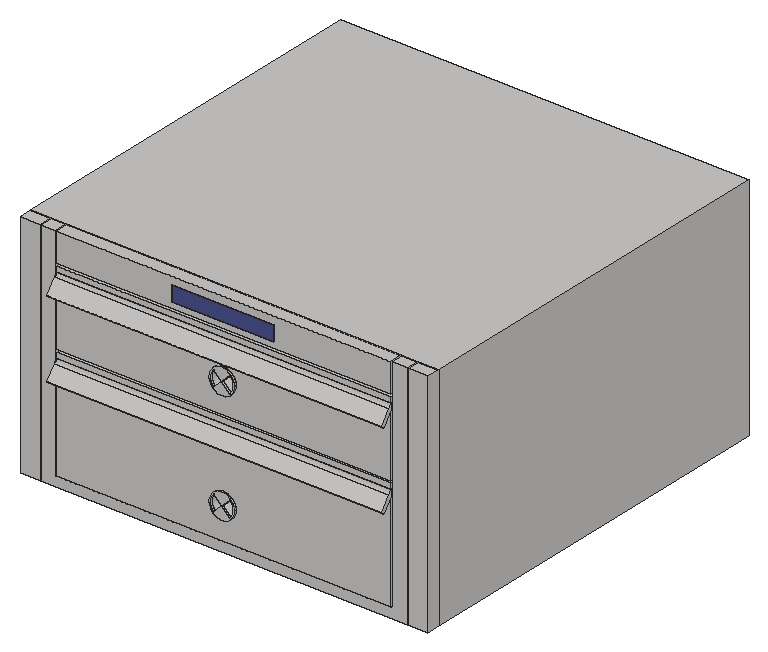
Revit family "QF_ELECTROLUXPROFESSIONAL_588649_MB0ACAHOBO", category Attrezzature speciali, Revit 2020
Family settings
  Quota connettore circolare = Usa diametro
  Tipo di parte = Normale
  Basato su piano di lavoro = No
  Sempre verticale = Sì
  Taglio con vuoti quando caricato = No
  Condiviso = No
  Punto di calcolo locali = No
Parameters (values of type "Standard")
  Weight = 44.00 kg
  Watts = 1000 W
  Volts = 230 V
  URL Manufacturer = "https://www.electroluxprofessional.com/"
  URL = "https://www.electroluxprofessional.com/"
  Steam Supply Size = 0"
  Steam Supply Minimum Pressure = 0.00 psi
  Steam Supply Maximum Pressure = 0.00 psi
  Steam Consumption per Hour = 0
  Refrigeration Suction Line Size = 0 mm
  Refrigeration Liquid Line Size = 0 mm
  Refrigerant Compressor Remote = yes
  Prospetto di default = 0 mm
  Phase = 1
  Modello = "MB0ACAHOBO"
  Produttore = "Electrolux Professional"
  Length Actual = 800 mm  # constant formula
  Item Number = "588649"
  Hot Water Size = 0"
  Height Actual = 450 mm  # constant formula
  HP = "1.3 HP"
  Gas Size = 0"
  Gas KW = 0
  Gas Input Pressure = 0.0 Btu/h
  Direct Waste Size = 0"
  Descrizione = "HOLDING CAB,GN,2 DRAW,1S,800X850X450H"
  Depth Actual = 850 mm  # constant formula
  Cycle = 50 Hz
  Condensate Return Size = 0"
  Compressed Air Volume = 0 GPM
  Compressed Air Size = 0"
  Compressed Air Pressure = 0.00 psi
  Cold Water Size = 0"
  Accessory = yes
Reference planes
  plane 1 "BACK": y = 0
  plane 2: z = 0
  plane 3 "LEFT": x = 0
  plane 4 "RIGHT": x = 800
  plane 5 "FRONT": y = -850
  plane 6 "PLAIN": z = 900
  plane 7 "Center (Left/Right)": x = 400
  plane 8 "Center (Front/Back)": y = -425
  plane 9 "TOP": z = 650
  plane 10 "BASE": z = 200
  plane 11: z = 265
  plane 12: y = -45
  plane 13: y = -805
  plane 14: y = -830
  plane 15 "ButtonZ": z = 590
  plane 16 "EIy": y = -635
  plane 17 "EIx": x = 755
Forms (mm)
  Extrusion 1, solid, material "QF_Finishes_Stainless Steel"
    sketch origin (0, 0, 650) x (0, 1, 0) y (0, 0, 1)
      loop
        line (-45, -450) -> (-45, 0) -> (-805, 0) -> (-805, -450) -> (-45, -450)
    from 0 to 800
  Extrusion 2, void
    sketch origin (0, -850, 0) x (1, 0, 0) y (0, 0, 1)
      loop
        line (70, 650) -> (70, 219) -> (730, 219) -> (730, 650) -> (70, 650)
    from 0 to -780
  Extrusion 3, solid, material "QF_Finishes_Stainless Steel"
    sketch origin (0, -850, 0) x (1, 0, 0) y (0, 0, 1)
      loop
        line (70, 650) -> (70, 627) -> (730, 627) -> (730, 650) -> (70, 650)
    from -45 to -805
  Extrusion 4, solid, material "QF_Finishes_Stainless Steel"
    sketch origin (0, -850, 0) x (1, 0, 0) y (0, 0, 1)
      loop
        line (40, 650) -> (40, 200) -> (760, 200) -> (760, 650) -> (730, 650) -> (730, 219) -> (70, 219) -> (70, 650) -> (40, 650)
    from -45 to -780
  Extrusion 5, solid, material "QF_Finishes_Stainless Steel"
    sketch origin (0, -850, 0) x (1, 0, 0) y (0, 0, 1)
      loop
        line (0, 650) -> (0, 200) -> (40, 200) -> (40, 650) -> (0, 650)
    from -20 to -45
  Extrusion 6, solid, material "QF_Finishes_Stainless Steel"
    sketch origin (0, -850, 0) x (1, 0, 0) y (0, 0, 1)
      loop
        line (760, 650) -> (760, 200) -> (800, 200) -> (800, 650) -> (760, 650)
    from -20 to -45
  Extrusion 7, solid, material "QF_Finishes_Stainless Steel"
    sketch origin (85, -850, 0) x (1, 0, 0) y (0, 0, 1)
      loop
        line (-45, 650) -> (-45, 200) -> (675, 200) -> (675, 650) -> (645, 650) -> (645, 219) -> (-15, 219) -> (-15, 650) -> (-45, 650)
    from -20 to -45
  Extrusion 8, solid, material "QF_Finishes_Stainless Steel"
    sketch origin (0, 0, 200) x (-1, 0, 0) y (0, -1, 0)
      loop
        circle (-755, 635) r 10
    from 0 to -5
Cuts and joins
  Extrusion 2 cuts Extrusion 1
  joined: Extrusion 1, Extrusion 3, Extrusion 4
Lines and regions (mm)
  symbolic lines, style "SpecialityEquipmentHiddenLines"
    curve 1: line (0, 0, 0) -> (800, 0, 0)
    curve 2: line (0, -850, 0) -> (0, 0, 0)
    curve 3: line (800, -850, 0) -> (0, -850, 0)
    curve 4: line (800, 0, 0) -> (800, -850, 0)
Dimensions and locks
  plane 3 "LEFT" to plane 4 "RIGHT" = 800 mm
  plane 5 "FRONT" to plane 1 "BACK" = 850 mm
  equal spacing: plane 3 "LEFT", plane 7 "Center (Left/Right)", plane 4 "RIGHT"
  equal spacing: plane 5 "FRONT", plane 8 "Center (Front/Back)", plane 1 "BACK"
  plane 6 "PLAIN" to plane 9 "TOP" = 250 mm
  plane 10 "BASE" to level = 200 mm
  plane 9 "TOP" to plane 10 "BASE" = 450 mm
  locked: plane 11 to plane 10 "BASE" at 65
  locked: plane 1 "BACK" to plane 12 at 45
  plane 9 "TOP" to Extrusion 3 sketch curve = 23 mm
  plane 11 to Extrusion 4 sketch curve = 46 mm
  plane 6 "PLAIN" to level = 900 mm
  Extrusion 4 to Extrusion 4 = 660 mm
  locked: plane 14 to plane 5 "FRONT" at 20
  locked: plane 13 to plane 14 at 25
  plane 12 to plane 14 = 785 mm
  plane 15 "ButtonZ" to level = 590 mm
  plane 4 "RIGHT" to plane 3 "LEFT" = 800 mm
  plane 16 "EIy" to plane 1 "BACK" = 635 mm
  plane 17 "EIx" to plane 4 "RIGHT" = 45 mm
  aligned and locked: level to plane 2
  aligned and locked: Extrusion 1 to plane 4 "RIGHT"
  aligned and locked: Extrusion 1 to plane 3 "LEFT"
  aligned and locked: plane 9 "TOP" to Extrusion 2 sketch curve
  aligned and locked: Extrusion 3 to plane 12
  aligned and locked: plane 9 "TOP" to Extrusion 4 sketch curve  (x2)
  aligned and locked: Extrusion 4 sketch curve to Extrusion 3  (x2)
  aligned and locked: Extrusion 5 sketch curve to plane 9 "TOP"
  aligned and locked: plane 3 "LEFT" to Extrusion 5 sketch curve
  aligned and locked: Extrusion 6 sketch curve to plane 9 "TOP"
  aligned and locked: plane 4 "RIGHT" to Extrusion 6 sketch curve
  aligned and locked: cut or joined group of Extrusion 1, Extrusion 2, Extrusion 3, Extrusion 4 to plane 12
  aligned and locked: Extrusion 5 to plane 13
  aligned and locked: plane 14 to Extrusion 5
  aligned and locked: plane 14 to Extrusion 6
  aligned and locked: Extrusion 6 to plane 13
  aligned and locked: plane 13 to cut or joined group of Extrusion 1, Extrusion 2, Extrusion 3, Extrusion 4
Automatic sketch dimensions
  curve 3 to plane 3 "LEFT" = 0 mm
  curve 3 to plane 4 "RIGHT" = 0 mm
  plane 5 "FRONT" to curve 3 = 0 mm
  plane 1 "BACK" to curve 2 = 0 mm
  Extrusion 1 sketch curve to plane 10 "BASE" = 0 mm
  plane 13 to Extrusion 1 sketch curve = 0 mm
  Extrusion 1 sketch curve to plane 12 = 0 mm
  Extrusion 1 sketch curve to plane 9 "TOP" = 0 mm
  Extrusion 3 sketch curve to plane 9 "TOP" = 0 mm
  Extrusion 7 sketch curve to plane 9 "TOP" = 0 mm  (x2)
  plane 11 to Extrusion 7 sketch curve = 46 mm
  Extrusion 5 sketch curve to plane 10 "BASE" = 0 mm
  Extrusion 6 sketch curve to plane 10 "BASE" = 0 mm
  Extrusion 7 sketch curve to plane 10 "BASE" = 0 mm
  Extrusion 4 sketch curve to plane 10 "BASE" = 0 mm
  plane 10 "BASE" to Extrusion 2 sketch curve = 19 mm
  plane 4 "RIGHT" to Extrusion 2 sketch curve = 70 mm
  plane 4 "RIGHT" to Extrusion 3 sketch curve = 70 mm
  Extrusion 4 sketch curve to Extrusion 4 sketch curve = 30 mm  (x2)
  plane 4 "RIGHT" to Extrusion 6 sketch curve = 40 mm
  plane 4 "RIGHT" to Extrusion 7 sketch curve = 70 mm
  Extrusion 7 sketch curve to Extrusion 7 sketch curve = 30 mm  (x2)
  plane 3 "LEFT" to Extrusion 2 sketch curve = 70 mm
  plane 3 "LEFT" to Extrusion 3 sketch curve = 70 mm
  plane 3 "LEFT" to Extrusion 5 sketch curve = 40 mm
  plane 3 "LEFT" to Extrusion 7 sketch curve = 70 mm
  Extrusion 8 sketch curve to plane 16 "EIy" = 0 mm
  Extrusion 8 sketch curve to plane 17 "EIx" = 0 mm
  radius of Extrusion 8 sketch curve = 10 mm
Nested families
  nested 1: "H450_W660_DRAWER" at (361.958, -805, 200) x (1, 0, 0) z (0, -1, 0), type "H450_W660_DRAWER"
    with Width 660 mm, Show Clearance yes
Connectors
  electrical at (755, -635, 195)
    settings: on Extrusion 8, index 1, voltage 0 V, apparent load 0 VA, apparent load phase1 0 VA, apparent load phase2 0 VA, apparent load phase3 0 VA, power factor 1, load classification "Other", number of poles 1, system type 30, power factor state 1, is connector primary yes, connector utility no, sub classification motor no, connector description "Electrical connection"
Definition of nested family "H450_W660_DRAWER"
  Parameters
    Width [instance] = 660 mm
    Show Clearance [instance] = yes
    Model = "727995"
    Height = 450 mm
    Default Elevation = 0 mm
  Reference planes
    plane 1 "Center (Front/Back)": y = 0
    plane 2: z = 0
    plane 3 "Center (Left/Right)": x = 36.042
    plane 4 "panel": z = 25
    plane 5: x = -293.958
    plane 6: x = 366.042
    plane 7: y = 450
    plane 8: z = 45
    plane 9: x = -268.958
    plane 10: y = 388
    plane 11: y = 236
    plane 12: y = 19
    plane 13: y = 241
    plane 14: y = 393
  Forms (mm)
    Extrusion 1, solid
      sketch origin (0, -919.2, 0) x (1, 0, 0) y (0, 1, 0)
        loop
          line (-980.5, 2119.2) -> (-980.5, -162.846) -> (881.94, -162.846) -> (881.94, 2119.2) -> (-980.5, 2119.2)
      from 0 to -59.546
    Extrusion 2, solid
      sketch origin (0, -78, 0) x (1, 0, 0) y (0, 1, 0)
        loop
          line (-291.958, 97) -> (364.042, 97) -> (364.042, 304.02) -> (-291.958, 304.02) -> (-291.958, 97)
      from 0 to 25
    Extrusion 3, solid
      sketch origin (36.042, -214, 0) x (0, 1, 0) y (0, 0, 1)
        loop
          line (426.693, 25) -> (440.02, 25)
          arc (440.02, 25) -> (435.261, 25.775) -> (430.993, 28.02) r 15
          line (430.993, 28.02) -> (406.653, 46.362) -> (403.644, 42.369) -> (426.693, 25)
      from -328 to 328
    Extrusion 4, solid
      sketch origin (0, -214, 0) x (1, 0, 0) y (0, 1, 0)
        loop
          line (-291.958, 440) -> (364.042, 440) -> (364.042, 450) -> (-291.958, 450) -> (-291.958, 440)
      from 0 to 25
    Extrusion 5, solid
      sketch origin (0, 74, 0) x (1, 0, 0) y (0, 1, 0)
        loop
          line (-291.958, 167) -> (364.042, 167) -> (364.042, 304.02) -> (-291.958, 304.02) -> (-291.958, 167)
      from 0 to 25
    Extrusion 6, solid
      sketch origin (36.042, -62, 0) x (0, 1, 0) y (0, 0, 1)
        loop
          line (426.693, 25) -> (440.02, 25)
          arc (440.02, 25) -> (435.261, 25.775) -> (430.993, 28.02) r 15
          line (430.993, 28.02) -> (406.653, 46.362) -> (403.644, 42.369) -> (426.693, 25)
      from -328 to 328
    Extrusion 7, solid
      sketch origin (0, -62, 0) x (1, 0, 0) y (0, 1, 0)
        loop
          line (-291.958, 440) -> (364.042, 440) -> (364.042, 450) -> (-291.958, 450) -> (-291.958, 440)
      from 0 to 25
    Extrusion 8, solid
      sketch origin (0, 226, 0) x (1, 0, 0) y (0, 1, 0)
        loop
          line (-291.958, 167) -> (364.042, 167) -> (364.042, 224) -> (-291.958, 224) -> (-291.958, 167)
      from 0 to 25
    Extrusion 9, solid
      sketch origin (0, 0, 25) x (1, 0, 0) y (0, 1, 0)
        loop
          circle (36.042, 81.977) r 24.977
      from 0 to 3
    Extrusion 10, void
      sketch origin (0, 0, 0) x (1, 0, 0) y (0, 1, 0)
        loop
          arc (20.509, 97.556) -> (14.065, 82) -> (20.509, 66.444) r 22
          line (20.509, 66.444) -> (36.065, 82) -> (20.509, 97.556)
      from 0 to 46.362
    Extrusion 11, void
      sketch origin (0, 0, 0) x (1, 0, 0) y (0, 1, 0)
        loop
          line (36.065, 82) -> (51.621, 66.444)
          arc (51.621, 66.444) -> (58.065, 82) -> (51.621, 97.556) r 22
          line (51.621, 97.556) -> (36.065, 82)
      from 0 to 28
    Extrusion 12, solid
      sketch origin (0, 219, 25) x (1, 0, 0) y (0, 1, 0)
        loop
          circle (36.042, 81.977) r 24.977
      from 0 to 3
    Extrusion 13, void
      sketch origin (0, 219, 0) x (1, 0, 0) y (0, 1, 0)
        loop
          arc (20.509, 97.556) -> (14.065, 82) -> (20.509, 66.444) r 22
          line (20.509, 66.444) -> (36.065, 82) -> (20.509, 97.556)
      from 0 to 28
    Extrusion 14, void
      sketch origin (0, 219, 0) x (1, 0, 0) y (0, 1, 0)
        loop
          line (36.065, 82) -> (51.621, 66.444)
          arc (51.621, 66.444) -> (58.065, 82) -> (51.621, 97.556) r 22
          line (51.621, 97.556) -> (36.065, 82)
      from 0 to 28
    Extrusion 15, void
      sketch origin (0, 0, 0) x (1, 0, 0) y (0, 1, 0)
        loop
          line (-63.958, 405) -> (136.042, 405) -> (136.042, 435) -> (-63.958, 435) -> (-63.958, 405)
      from 19.183 to 25
    Extrusion 16, solid
      sketch origin (0, 0, 0) x (1, 0, 0) y (0, 1, 0)
        loop
          line (-63.958, 435) -> (-63.958, 405) -> (136.042, 405) -> (136.042, 435) -> (-63.958, 435)
      from 19.183 to 25
    Extrusion 17, void
      sketch origin (0, 219, 0) x (1, 0, 0) y (0, 1, 0)
        loop
          arc (20.509, 97.556) -> (14.065, 82) -> (20.509, 66.444) r 22
          line (20.509, 66.444) -> (36.065, 82) -> (20.509, 97.556)
      from 0 to 28
  Cuts and joins
    Extrusion 10, Extrusion 11, Extrusion 13, Extrusion 14 cuts Extrusion 2
    Extrusion 10, Extrusion 11, Extrusion 13, Extrusion 14 cuts Extrusion 9
    Extrusion 13, Extrusion 14, Extrusion 17 cuts Extrusion 12
    Extrusion 15 cuts Extrusion 8
    Extrusion 14, Extrusion 17 cuts Extrusion 5
  Dimensions and locks
    plane 4 "panel" to level = 25 mm
    "Width": plane 5 to plane 6
    equal spacing: plane 5, plane 3 "Center (Left/Right)", plane 6
    "Height": plane 1 "Center (Front/Back)" to plane 7
    locked: plane 5 to Extrusion 2 sketch curve at 2
    plane 1 "Center (Front/Back)" to Extrusion 2 sketch curve = 19 mm
    plane 7 to Extrusion 2 sketch curve = 223.98 mm
    locked: Extrusion 2 sketch curve to plane 6 at 2
    locked: plane 9 to plane 5 at 25
    aligned and locked: plane 2 to Extrusion 1
    aligned and locked: level to Extrusion 1
    aligned and locked: plane 4 "panel" to Extrusion 2
    aligned and locked: plane 4 "panel" to Extrusion 4
    aligned and locked: Extrusion 2 to Extrusion 4
    aligned and locked: Extrusion 5 to Extrusion 7
  Automatic sketch dimensions
    Extrusion 1 sketch curve to Extrusion 1 sketch curve = 1862.44 mm
    Extrusion 1 sketch curve to Extrusion 1 sketch curve = 2282.046 mm
    Extrusion 3 sketch curve to plane 4 "panel" = 0 mm
    Extrusion 3 sketch curve to plane 8 = 2.631 mm
    Extrusion 3 sketch curve to plane 11 = 46.356 mm
    plane 8 to Extrusion 3 sketch curve = 1.362 mm
    Extrusion 3 sketch curve to Extrusion 3 sketch curve = 3.009 mm
    plane 4 "panel" to Extrusion 3 sketch curve = 3.02 mm
    Extrusion 3 sketch curve to Extrusion 3 sketch curve = 9.027 mm
    Extrusion 4 sketch curve to plane 11 = 0 mm
    plane 5 to Extrusion 4 sketch curve = 2 mm
    Extrusion 4 sketch curve to plane 6 = 2 mm
    Extrusion 4 sketch curve to Extrusion 4 sketch curve = 10 mm
    Extrusion 5 sketch curve to plane 13 = 0 mm
    plane 5 to Extrusion 5 sketch curve = 2 mm
    Extrusion 5 sketch curve to plane 6 = 2 mm
    Extrusion 5 sketch curve to plane 10 = 9.98 mm
    Extrusion 6 sketch curve to plane 4 "panel" = 0 mm
    Extrusion 6 sketch curve to plane 8 = 2.631 mm
    Extrusion 6 sketch curve to plane 10 = 46.356 mm
    plane 8 to Extrusion 6 sketch curve = 1.362 mm
    Extrusion 6 sketch curve to Extrusion 6 sketch curve = 3.009 mm
    plane 4 "panel" to Extrusion 6 sketch curve = 3.02 mm
    Extrusion 6 sketch curve to Extrusion 6 sketch curve = 9.027 mm
    Extrusion 7 sketch curve to plane 10 = 0 mm
    plane 5 to Extrusion 7 sketch curve = 2 mm
    Extrusion 7 sketch curve to plane 6 = 2 mm
    Extrusion 7 sketch curve to Extrusion 7 sketch curve = 10 mm
    Extrusion 8 sketch curve to plane 7 = 0 mm
    Extrusion 8 sketch curve to plane 14 = 0 mm
    plane 5 to Extrusion 8 sketch curve = 2 mm
    Extrusion 8 sketch curve to plane 6 = 2 mm
    Extrusion 9 sketch curve to plane 3 "Center (Left/Right)" = 0 mm
    plane 12 to Extrusion 9 sketch curve = 62.977 mm
    Extrusion 10 sketch curve to plane 3 "Center (Left/Right)" = 15.533 mm  (x2)
    plane 3 "Center (Left/Right)" to Extrusion 10 sketch curve = 0.023 mm
    Extrusion 10 sketch curve to Extrusion 10 sketch curve = 0 mm  (x2)
    plane 12 to Extrusion 10 sketch curve = 47.444 mm
    plane 3 "Center (Left/Right)" to Extrusion 11 sketch curve = 0.023 mm
    Extrusion 11 sketch curve to Extrusion 11 sketch curve = 0 mm  (x2)
    plane 3 "Center (Left/Right)" to Extrusion 11 sketch curve = 15.579 mm  (x2)
    plane 12 to Extrusion 11 sketch curve = 47.444 mm
    Extrusion 12 sketch curve to plane 3 "Center (Left/Right)" = 0 mm
    plane 13 to Extrusion 12 sketch curve = 59.977 mm
    Extrusion 13 sketch curve to plane 3 "Center (Left/Right)" = 15.533 mm  (x2)
    plane 3 "Center (Left/Right)" to Extrusion 13 sketch curve = 0.023 mm
    Extrusion 13 sketch curve to Extrusion 13 sketch curve = 0 mm  (x2)
    plane 13 to Extrusion 13 sketch curve = 44.444 mm
    plane 3 "Center (Left/Right)" to Extrusion 14 sketch curve = 0.023 mm
    Extrusion 14 sketch curve to Extrusion 14 sketch curve = 0 mm  (x2)
    plane 3 "Center (Left/Right)" to Extrusion 14 sketch curve = 15.579 mm  (x2)
    plane 13 to Extrusion 14 sketch curve = 44.444 mm
    Extrusion 15 sketch curve to plane 7 = 15 mm
    Extrusion 15 sketch curve to plane 3 "Center (Left/Right)" = 100 mm
    plane 3 "Center (Left/Right)" to Extrusion 15 sketch curve = 100 mm
    plane 14 to Extrusion 15 sketch curve = 12 mm
    Extrusion 16 sketch curve to plane 7 = 15 mm
    Extrusion 16 sketch curve to plane 3 "Center (Left/Right)" = 100 mm
    plane 14 to Extrusion 16 sketch curve = 12 mm
    plane 3 "Center (Left/Right)" to Extrusion 16 sketch curve = 100 mm
    Extrusion 17 sketch curve to plane 3 "Center (Left/Right)" = 15.533 mm  (x2)
    plane 3 "Center (Left/Right)" to Extrusion 17 sketch curve = 0.023 mm
    Extrusion 17 sketch curve to Extrusion 17 sketch curve = 0 mm  (x2)
    plane 13 to Extrusion 17 sketch curve = 44.444 mm
    radius of Extrusion 9 sketch curve = 24.977 mm
    radius of Extrusion 12 sketch curve = 24.977 mm
